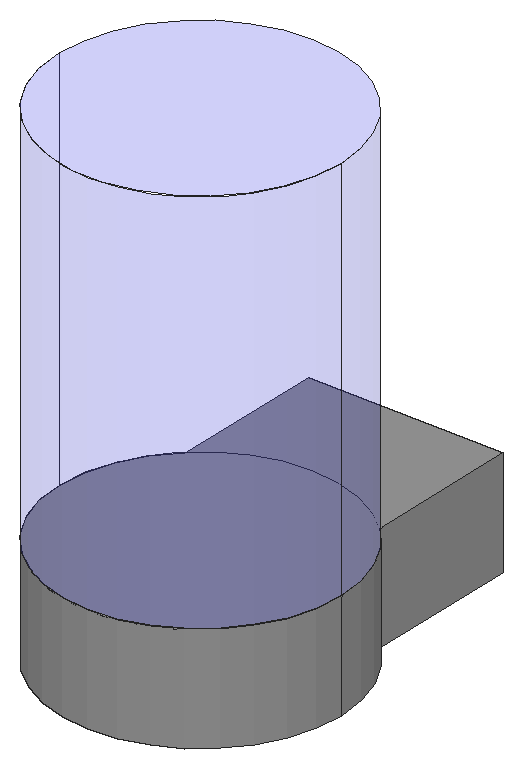
Revit family "KEUCO_14950019000", category Sonderausstattung, Revit 2016
Family settings
  Teiletyp = Normal
  Bemaßung runder Anschluss = Durchmesser verwenden
  Arbeitsebenenbasiert = Nein
  Immer vertikal = Ja
  Beim Laden mit Abzugskörper schneiden = Nein
  Gemeinsam genutzt = Nein
  Raumberechnungspunkt = Nein
Parameters (values of type "14950019000")
  Verwendung = "WP"  # constant formula
  URL = "https://www.keuco.com/de/produkte/sortiment/artikel/?pid=14950&oid=1&pgo=10&country=de&lang=de&vid=14950019000"
  Preisgruppe = "1"  # constant formula
  Materialien bei Hersteller anfragen = "Anfrage zu:  objektmanagement@keuco.de"
  Material Glas = Glas
  Serie = "Plan"  # constant formula
  Material Regal [instance] = Aluminium silber-eloxiert (E6 EV1)
  Kategorie = "ACC"  # constant formula
  Hersteller = "KEUCO"  # constant formula
  Gewicht = 382
  Beschreibung = "komplett mit Echtkristall-Glas"
  Ausschreibungstext = "KEUCO PLAN Glashalter 14950019000\r\nHochglanzverchromter Glashalter \r\nin ästhetischem, funktionalem Design\r\nkomplett mit Echtkristall-Glas (Durchmesser 66 mm), \r\nleicht zu reinigen\r\nBreite 66 mm, Höhe 116 mm, Ausladung 93 mm\r\nDer Glashalter wird verdeckt angebracht\r\nLieferung inkl. korrosionsfreiem Befestigungsmaterial"
  Artikelnummer = "14950019000"
Types (4, lengths in mm): name | URL | Materialien bei Hersteller anfragen | Material Glas | Material Regal | Beschreibung | Ausschreibungstext | Artikelnummer
  (no name) | "https://www.keuco.com" | "Request to:  objektmanagement@keuco.de" | Glass | Aluminium silber-eloxiert (E6 EV1) | "--" | "" | "14950179000"
  14950019000 | "https://www.keuco.com/de/produkte/sortiment/artikel/?pid=14950&oid=1&pgo=10&country=de&lang=de&vid=14950019000" | "Anfrage zu:  objektmanagement@keuco.de" | Glas | Aluminium silber-eloxiert (E6 EV1) | "komplett mit Echtkristall-Glas" | "KEUCO PLAN Glashalter 14950019000\r\nHochglanzverchromter Glashalter \r\nin ästhetischem, funktionalem Design\r\nkomplett mit Echtkristall-Glas (Durchmesser 66 mm), \r\nleicht zu reinigen\r\nBreite 66 mm, Höhe 116 mm, Ausladung 93 mm\r\nDer Glashalter wird verdeckt angebracht\r\nLieferung inkl. korrosionsfreiem Befestigungsmaterial" | "14950019000"
  14950079000 | "https://www.keuco.com/de/produkte/sortiment/artikel/?pid=14950&oid=1&pgo=10&country=de&lang=de&vid=14950079000" | "Request to:  objektmanagement@keuco.de" | Glass | Edelstahl | "komplett mit Echtkristall-Glas" | "KEUCO PLAN Glashalter 14950079000\r\nGlashalter aus hochwertigem Edelstahl \r\nin ästhetischem, funktionalem Design,\r\nkomplett mit Echtkristall-Glas (Durchmesser 66 mm), \r\nleicht zu reinigen\r\nBreite 66 mm, Höhe 116 mm, Ausladung 93 mm\r\nDer Glashalter wird verdeckt angebracht\r\nLieferung inkl. korrosionsfreiem Befestigungsmaterial" | "14950079000"
  14950179000 | "https://www.keuco.com/de/produkte/sortiment/artikel/?pid=14950&oid=1&pgo=10&country=de&lang=de&vid=14950179000" | "Request to:  objektmanagement@keuco.de" | Glass | Aluminium silber-eloxiert (E6 EV1) | "komplett mit Echtkristall-Glas" | "KEUCO PLAN Glashalter 14950179000\r\nGlashalter aus silber-eloxiertem Aluminium (E6 EV1)/verchromt \r\nin ästhetischem, funktionalem Design,\r\nkomplett mit Echtkristall-Glas (Durchmesser 66 mm), \r\nleicht zu reinigen\r\nDie Wandhalterung ist als Design-Element hochglanzverchromt\r\nBreite 66 mm, Höhe 116 mm, Ausladung 93 mm\r\nDer Glashalter wird verdeckt angebracht\r\nLieferung inkl. korrosionsfreiem Befestigungsmaterial" | "14950179000"
Reference planes
  plane 1 "Center (Front/Back)": y = 0
  plane 2: z = 0
  plane 3 "Center (Left/Right)": x = 0
  plane 4: y = -93
  plane 5: z = -25
  plane 6: z = 90.64
Forms (mm)
  Extrusion 1, solid, material "Aluminium silber-eloxiert (E6 EV1)" <- "Material Regal"
    sketch origin (0, 0, 0) x (1, 0, 0) y (0, 1, 0)
      loop
        line (22.62, -35.972) -> (22.62, 0) -> (-22.62, 0) -> (-22.62, -35.972)
        arc (-22.62, -35.972) -> (0, -27) -> (22.62, -35.972) r 33
    from -25 to 0
  Extrusion 2, solid, material "Glas" <- "Material Glas"
    sketch origin (0, -1, 0) x (1, 0, 0) y (0, 1, 0)
      loop
        circle (0, -59) r 33
    from 0 to 90.64
  Extrusion 3, solid, material "Aluminium silber-eloxiert (E6 EV1)" <- "Material Regal"
    sketch origin (0, -1, 0) x (1, 0, 0) y (0, 1, 0)
      loop
        circle (0, -59) r 33
    from 0 to -25
Cuts and joins
  joined: Extrusion 1, Extrusion 3
Lines and regions (mm)
  symbolic lines, style "SpecialityEquipment"
    curve 1: arc (-33, -60, 0) -> (0, -93, 0) -> (33, -60, 0) r 33
    curve 2: line (-22.62, 0, 0) -> (22.62, 0, 0)
    curve 3: line (22.62, 0, 0) -> (22.62, -35.972, 0)
    curve 4: line (-22.62, 0, 0) -> (-22.62, -35.972, 0)
    curve 5: arc (-22.62, -35.972, 0) -> (0, -93, 0) -> (22.62, -35.972, 0) r 33
Dimensions and locks
  plane 4 to plane 1 "Center (Front/Back)" = 93 mm
  plane 2 to plane 5 = 25 mm
  plane 6 to plane 5 = 115.64 mm
  locked: plane 2 to plane 5 at 25
  plane 1 "Center (Front/Back)" to plane 4 = 93 mm
  aligned and locked: level to plane 2
